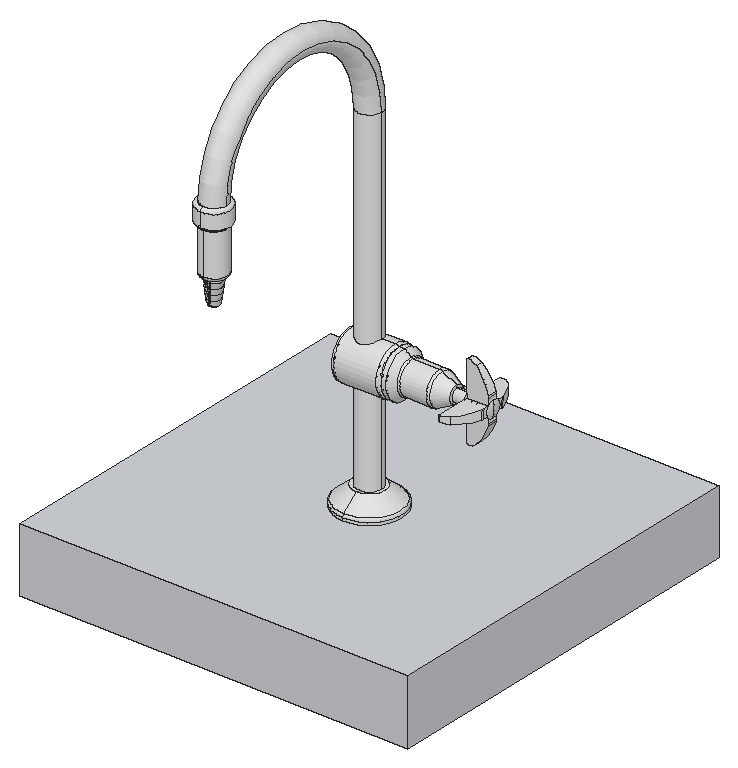
Revit family
Parameters (values of type "TL16FJ16C")
  WELSRating_ANZRS = "5 star"
  URL = "www.galvinengineering.com.au"
  Type Comments = "TL16"
  TubeNozzleVisibility = yes
  StyleOrType_ANZRS = "Plumbing Fixture"
  Seating = "Jumper Valve"
  PlumbingMaterial_ANZRS = Metal_Taps_DR-Brass-with-Chrome-Finish_10800
  Outlet = "XT Tube Nozzle with Integral Mini Dual Check Valve"
  ModifiedIssue_ANZRS = 20120305.01  # constant formula
  Model = "TL16FJ16C"
  Manufacturer = "Galvin Engineering"
  Keynote = "15400"
  Instructions = "http://www.galvinengineering.com.au/Installation_Guides_1.aspx"
  Inlet = "15mm Male"
  FlowRate = 0.10 L/s
  FilterObject_ANZRS = "TL16"
  Description = "Lab Set 1-Way Type 16 Fixed Jumper Valve"
  Default Elevation = 900 mm
  CreatedBy_ANZRS = "Galvin Engineering"
  CreatedByURL_ANZRS = "www.galvinengineering.com.au"
  CreatedByPhoneNo_ANZRS = "61-8-92495900"
  Circulation_ANZRS = yes
  Assembly Code = "D2010"
  AeratorVisibility = not(TubeNozzleVisibility)  # no
Types (6, lengths in mm): name | TubeNozzleVisibility | Outlet | Model | Description | AeratorVisibility
  (no name) | yes | "XT Tube Nozzle with Integral Mini Dual Check Valve" | "TL16FJ16C" | "Lab Set 1-Way Type 16 Fixed Jumper Valve" | no
  TL16FJ1C | no | "#1 Aerator" | "TL16FJ1C" | "Lab Set 1-Way Type 16 Fixed, Jumper Valve" | yes
  TL16FJ16C | yes | "XT Tube Nozzle with Integral Mini Dual Check Valve" | "TL16FJ16C" | "Lab Set 1-Way Type 16 Fixed Jumper Valve" | no
  TL16SJ1C | no | "#1 Aerator" | "TL16SJ1C" | "Lab Set 1-Way Type 16 Swivel, Jumper Valve" | yes
  TL16SJ16C | yes | "XT Tube Nozzle with Integral Mini Dual Check Valve" | "TL16SJ16C" | "Lab Set Type 16 Swivel, Jumper Valve" | no
  TL16SC16C | yes | "XT Tube Nozzle with Integral Mini Dual Check Valve" | "TL16SC16C" | "Lab Set 1-Way Type 16 Swivel, Ceramic Disc" | no
Reference planes
  plane 1 "Center (Front/Back)": y = 0
  plane 2 "Face": z = 0
  plane 3 "Center (Left/Right)": x = 0
Forms (mm)
  Extrusion 1, solid
    sketch origin (0, -719.2, 0) x (1, 0, 0) y (0, 1, 0)
      loop
        line (-150, 869.2) -> (-150, 569.2) -> (150, 569.2) -> (150, 869.2) -> (-150, 869.2)
    from 0 to -50
  Revolve 2, solid, material "Metal_Taps_DR-Brass-with-Chrome-Finish_10800" <- "PlumbingMaterial_ANZRS"
    sketch origin (0, 0, 0) x (0, 1, 0) y (0, 0, 1)
      loop
        arc (-24.197, 4.315) -> (-24.988, 3.281) -> (-25.27, 2.01) r 3.014
        line (-25.27, 2.01) -> (-25.27, 0) -> (0, 0) -> (0, 14.368) -> (-12.258, 14.368) -> (-24.197, 4.315)
      axis (0, 0) -> (0, 14.368)
    angle from 0 to 360
  Sweep 3, solid, material "Metal_Taps_DR-Brass-with-Chrome-Finish_10800" <- "PlumbingMaterial_ANZRS"
    path origin (0, 0, 0) x (0, 1, 0) y (0, 0, 1)
      loop
        arc (-150.004, 275.477) -> (-75.002, 350.478) -> (0, 275.477) r 75.002
        line (0, 275.477) -> (0, 14.368)
    profile origin (0, 0, 144.922) x (1, 0, 0) y (0, 1, 0)
      loop
        circle (0, 0) r 9.55
  Revolve 4, solid, material "Metal_Taps_DR-Brass-with-Chrome-Finish_10800" <- "PlumbingMaterial_ANZRS"
    sketch origin (0, 0, 0) x (1, 0, 0) y (0, 0, 1)
      loop
        line (96.489, 100) -> (-15.511, 100) -> (-15.511, 84)
        arc (-15.511, 84) -> (-14.737, 82.191) -> (-12.894, 81.503) r 2.5
        line (-12.894, 81.503) -> (20.095, 81.503) -> (22.489, 82.6) -> (23.739, 82.141) -> (27.239, 82.141) -> (31.793, 86.603)
        arc (31.793, 86.603) -> (32.591, 87.119) -> (33.524, 87.3) r 2.5
        line (33.524, 87.3) -> (54.268, 87.3)
        arc (54.268, 87.3) -> (55.454, 87.442) -> (56.574, 87.861) r 5.024
        line (56.574, 87.861) -> (67.489, 93.5) -> (67.489, 95.27) -> (76.925, 95.27) -> (76.925, 99.096) -> (95.325, 99.096) -> (95.325, 93.4)
        arc (95.325, 93.4) -> (96.196, 96.649) -> (96.489, 100) r 19.294
      axis (-15.511, 100) -> (96.489, 100)
    angle from 0 to 360
  Revolve 5, solid, material "Metal_Taps_DR-Brass-with-Chrome-Finish_10800" <- "PlumbingMaterial_ANZRS"
    sketch origin (0, 0, 0) x (1, 0, 0) y (0, 0, 1)
      loop
        arc (78.595, 70.361) -> (82.153, 71.003) -> (85.175, 72.987) r 9.043
        arc (85.175, 72.987) -> (91.254, 80.725) -> (95.27, 89.708) r 40.19
        arc (95.27, 89.708) -> (95.435, 90.437) -> (95.491, 91.182) r 5.024
        line (95.491, 91.182) -> (95.491, 108.681)
        arc (95.491, 108.681) -> (95.435, 109.427) -> (95.269, 110.157) r 5.024
        arc (95.269, 110.157) -> (91.179, 119.25) -> (84.976, 127.057) r 40.19
        arc (84.976, 127.057) -> (82.02, 128.987) -> (78.551, 129.639) r 9.043
        arc (78.551, 129.639) -> (77.459, 129.212) -> (77.003, 128.132) r 1.507
        line (77.003, 128.132) -> (77.003, 71.866)
        arc (77.003, 71.866) -> (77.475, 70.771) -> (78.595, 70.361) r 1.507
      axis (53.241, 129.639) -> (53.241, 70.361)
    angle from -4.66 to 4.66
  Revolve 6, solid, material "Metal_Taps_DR-Brass-with-Chrome-Finish_10800" <- "PlumbingMaterial_ANZRS"
    sketch origin (-253.34, -110.242, 100) x (0, -1, 0) y (1, 0, 0)
      loop
        arc (-139.881, 331.934) -> (-139.471, 330.815) -> (-138.376, 330.343) r 1.507
        line (-138.376, 330.343) -> (-82.11, 330.343)
        arc (-82.11, 330.343) -> (-81.03, 330.799) -> (-80.603, 331.89) r 1.507
        arc (-80.603, 331.89) -> (-81.255, 335.36) -> (-83.186, 338.316) r 9.043
        arc (-83.186, 338.316) -> (-90.992, 344.519) -> (-100.085, 348.609) r 40.19
        arc (-100.085, 348.609) -> (-100.815, 348.775) -> (-101.562, 348.831) r 5.024
        line (-101.562, 348.831) -> (-119.061, 348.831)
        arc (-119.061, 348.831) -> (-119.806, 348.775) -> (-120.534, 348.61) r 5.024
        arc (-120.534, 348.61) -> (-129.517, 344.593) -> (-137.255, 338.514) r 40.19
        arc (-137.255, 338.514) -> (-139.239, 335.492) -> (-139.881, 331.934) r 9.043
      axis (-80.603, 306.581) -> (-139.881, 306.581)
    angle from -4.66 to 4.66
  Revolve 7, solid, material "Metal_Taps_DR-Brass-with-Chrome-Finish_10800" <- "PlumbingMaterial_ANZRS", visible <- "TubeNozzleVisibility"
    sketch origin (0, 0, 0) x (0, 1, 0) y (0, 0, 1)
      loop
        line (-162.699, 263.002) -> (-161.81, 263.002) -> (-160.299, 261.264)
        arc (-160.299, 261.264) -> (-160.075, 260.889) -> (-159.998, 260.459) r 1.227
        line (-159.998, 260.459) -> (-159.998, 227.7)
        arc (-159.998, 227.7) -> (-159.412, 226.286) -> (-157.998, 225.7) r 2
        line (-157.998, 225.7) -> (-155.704, 225.7) -> (-155.704, 222.2) -> (-156.504, 222.2) -> (-155.208, 217.9) -> (-156.004, 217.9) -> (-154.754, 213.6) -> (-155.554, 213.6) -> (-154.223, 209.3) -> (-155.004, 209.3) -> (-153.884, 205.446)
        arc (-153.884, 205.446) -> (-153.661, 205.124) -> (-153.29, 205) r 0.618
        line (-153.29, 205) -> (-152.499, 205) -> (-152.499, 276.502) -> (-160.187, 276.502)
        arc (-160.187, 276.502) -> (-161.963, 275.766) -> (-162.699, 273.99) r 2.512
        line (-162.699, 273.99) -> (-162.699, 263.002)
      axis (-149.999, 205) -> (-149.999, 276.502)
    angle from 0 to 360
  Revolve 8, solid, material "Metal_Taps_DR-Brass-with-Chrome-Finish_10800" <- "PlumbingMaterial_ANZRS", visible <- "AeratorVisibility"
    sketch origin (0, 0, 0) x (0, 1, 0) y (0, 0, 1)
      loop
        line (-159.685, 255.402) -> (-159.685, 272.402) -> (-150.31, 272.402) -> (-150.31, 277.002) -> (-160.51, 277.002)
        arc (-160.51, 277.002) -> (-162.278, 276.269) -> (-163.01, 274.502) r 2.5
        line (-163.01, 274.502) -> (-163.01, 272.402) -> (-161.91, 272.402) -> (-161.91, 258.902)
        arc (-161.91, 258.902) -> (-161.792, 257.12) -> (-161.31, 255.402) r 8.634
        line (-161.31, 255.402) -> (-159.685, 255.402)
      axis (-150.31, 255.402) -> (-150.31, 277.002)
    angle from 0 to 360
Cuts and joins
  joined: Sweep 3, Revolve 4
Lines and regions (mm)
  symbolic lines, style "Taps/Mixers"
    curve 1: line (-9.5, 0.038, 0) -> (-9.5, -150.001, 0)
    curve 2: line (9.5, -150.001, 0) -> (9.5, 0.038, 0)
    curve 3: arc (-9.5, -150.001, 0) -> (0, -159.501, 0) -> (9.5, -150.001, 0) r 9.5
    curve 4: arc (9.5, -23.419, 0) -> (13.575, -21.317, 0) -> (17.204, -18.513, 0) r 25.272
    curve 5: arc (-9.5, 0.038, 0) -> (0, 9.538, 0) -> (9.5, 0.038, 0) r 9.5
    curve 6: arc (17.007, 18.693, 0) -> (-21.388, 13.463, 0) -> (-9.5, -23.419, 0) r 25.272
    curve 7: arc (9.5, -141.577, 0) -> (0, -162.699, 0) -> (-9.5, -141.577, 0) r 12.698
    curve 8: arc (27.261, 0.073, 0) -> (28.547, 6.358, 0) -> (27.307, 12.652, 0) r 16.296
    curve 9: arc (23.699, 12.652, 0) -> (22.459, 6.358, 0) -> (23.745, 0.073, 0) r 16.296
    curve 10: arc (31.801, 13.423, 0) -> (32.615, 12.878, 0) -> (33.577, 12.687, 0) r 2.512
    curve 11: arc (23.745, 17.871, 0) -> (22.472, 15.273, 0) -> (23.699, 12.652, 0) r 3.35
    curve 12: arc (27.261, 12.615, 0) -> (28.534, 15.243, 0) -> (27.261, 17.871, 0) r 3.35
    curve 13: arc (56.612, 12.127, 0) -> (55.493, 12.545, 0) -> (54.306, 12.687, 0) r 5.024
    curve 14: arc (33.577, -12.687, 0) -> (32.615, -12.878, 0) -> (31.801, -13.423, 0) r 2.512
    curve 15: arc (23.745, 0.073, 0) -> (22.459, -6.271, 0) -> (23.745, -12.615, 0) r 16.296
    curve 16: arc (27.261, -12.615, 0) -> (28.547, -6.271, 0) -> (27.261, 0.073, 0) r 16.296
    curve 17: arc (27.261, -17.871, 0) -> (28.534, -15.243, 0) -> (27.261, -12.615, 0) r 3.35
    curve 18: arc (23.745, -12.615, 0) -> (22.472, -15.243, 0) -> (23.745, -17.871, 0) r 3.35
    curve 19: arc (54.306, -12.687, 0) -> (55.493, -12.545, 0) -> (56.612, -12.127, 0) r 5.024
    curve 20: arc (95.325, -6.612, 0) -> (96.489, -0.012, 0) -> (95.325, 6.588, 0) r 19.294
    curve 21: arc (95.104, 10.298, 0) -> (91.106, 19.239, 0) -> (85.056, 26.94, 0) r 40
    curve 22: arc (85.056, 26.94, 0) -> (82.049, 28.915, 0) -> (78.508, 29.554, 0) r 9
    curve 23: arc (78.508, 29.554, 0) -> (77.394, 29.146, 0) -> (76.925, 28.056, 0) r 1.5
    curve 24: arc (95.325, 8.825, 0) -> (95.269, 9.57, 0) -> (95.104, 10.298, 0) r 5.024
    curve 25: arc (93.12, 3.403, 0) -> (94.257, 3.923, 0) -> (95.003, 4.926, 0) r 2.512
    curve 26: arc (95.003, 4.926, 0) -> (95.192, 5.47, 0) -> (95.325, 6.031, 0) r 5.554
    curve 27: arc (84.81, -27.052, 0) -> (91.013, -19.246, 0) -> (95.103, -10.153, 0) r 40.19
    curve 28: arc (78.447, -29.635, 0) -> (81.883, -28.971, 0) -> (84.81, -27.052, 0) r 9.043
    curve 29: arc (76.925, -28.128, 0) -> (77.371, -29.199, 0) -> (78.447, -29.635, 0) r 1.507
    curve 30: arc (95.103, -10.153, 0) -> (95.269, -9.423, 0) -> (95.325, -8.676, 0) r 5.024
    curve 31: arc (95.072, -4.958, 0) -> (94.337, -3.909, 0) -> (93.181, -3.358, 0) r 2.512
    curve 32: arc (95.325, -7.872, 0) -> (95.394, -6.398, 0) -> (95.072, -4.958, 0) r 5.554
    curve 33: line (56.612, -12.127, 0) -> (67.489, -6.507, 0)
    curve 34: line (67.489, -6.507, 0) -> (67.489, 6.507, 0)
    curve 35: line (67.489, 6.507, 0) -> (56.612, 12.127, 0)
    curve 36: line (33.577, 12.687, 0) -> (54.273, 12.687, 0)
    curve 37: line (54.273, 12.687, 0) -> (54.273, -12.687, 0)
    curve 38: line (54.273, -12.687, 0) -> (33.577, -12.687, 0)
    curve 39: line (28.517, 14.91, 0) -> (28.517, -15.576, 0)
    curve 40: line (23.745, 12.615, 0) -> (27.261, 12.615, 0)
    curve 41: line (23.745, 17.871, 0) -> (27.261, 17.871, 0)
    curve 42: line (27.261, 17.871, 0) -> (31.801, 13.423, 0)
    curve 43: line (22.489, 17.387, 0) -> (22.489, -17.413, 0)
    curve 44: line (23.745, 0.073, 0) -> (27.261, 0.073, 0)
    curve 45: line (23.745, -17.871, 0) -> (27.261, -17.871, 0)
    curve 46: line (27.261, -17.871, 0) -> (31.801, -13.423, 0)
    curve 47: line (23.745, -12.615, 0) -> (27.261, -12.615, 0)
    curve 48: line (95.325, 8.825, 0) -> (95.325, -8.676, 0)
    curve 49: line (76.925, 28.056, 0) -> (76.925, -28.128, 0)
    curve 50: line (76.925, 2.083, 0) -> (93.12, 3.403, 0)
    curve 51: line (67.489, 4.718, 0) -> (76.925, 4.718, 0)
    curve 52: line (76.925, -1.936, 0) -> (93.181, -3.358, 0)
    curve 53: line (67.489, -4.742, 0) -> (76.925, -4.742, 0)
    curve 54: line (-13.011, 18.487, 0) -> (-13.011, -18.513, 0)
    curve 55: arc (-13.011, 18.487, 0) -> (-14.779, 17.755, 0) -> (-15.511, 15.987, 0) r 2.5
    curve 56: line (-15.511, -16.013, 0) -> (-15.511, 15.987, 0)
    curve 57: arc (-15.511, -16.013, 0) -> (-14.779, -17.781, 0) -> (-13.011, -18.513, 0) r 2.5
    curve 58: line (-13.011, -18.513, 0) -> (-9.5, -18.513, 0)
    curve 59: line (9.5, -18.513, 0) -> (20.089, -18.513, 0)
    curve 60: line (20.089, -18.513, 0) -> (22.489, -17.413, 0)
    curve 61: line (20.089, 18.487, 0) -> (20.089, -18.513, 0)
    curve 62: line (-13.011, 18.487, 0) -> (20.089, 18.487, 0)
    curve 63: line (20.089, 18.487, 0) -> (22.489, 17.387, 0)
    curve 64: arc (0, -24.082, 4.295) -> (0, -24.87, 3.266) -> (0, -25.15, 2) r 3
    curve 65: arc (0, 25.15, 2) -> (0, 24.87, 3.266) -> (0, 24.082, 4.295) r 3
    curve 66: line (0, 10.802, 14.3) -> (0, 10.802, 85.209)
    curve 67: line (0, 12.2, 14.3) -> (0, -12.2, 14.3)
    curve 68: line (0, 25.15, 2.01) -> (0, -25.15, 2.01)
    curve 69: line (0, -25.15, 0) -> (0, -25.15, 2.01)
    curve 70: line (0, -12.2, 14.3) -> (0, -24.082, 4.295)
    curve 71: line (0, 12.2, 14.3) -> (0, 24.082, 4.295)
    curve 72: line (0, 25.15, 2.01) -> (0, 25.15, 0)
    curve 73: line (0, 25.15, 0) -> (0, -25.15, 0)
    curve 74: line (0, -9.835, 275.631) -> (0, -9.835, 115.86)
    curve 75: line (0, 9.215, 115.86) -> (0, 9.215, 275.631)
    curve 76: line (0, -11.423, 85.209) -> (0, -11.423, 14.3)
    curve 77: arc (0, -14.947, 103.934) -> (0, -7.694, 107.385) -> (0, -4.242, 114.639) r 12
    curve 78: line (0, -4.242, 114.639) -> (0, -2.847, 128.154)
    curve 79: arc (0, -2.847, 128.154) -> (0, -2.36, 129.114) -> (0, -1.355, 129.5) r 1.5
    curve 80: line (0, -1.355, 129.5) -> (0, 0.734, 129.5)
    curve 81: arc (0, 0.734, 129.5) -> (0, 1.741, 129.112) -> (0, 2.227, 128.149) r 1.5
    curve 82: line (0, 2.227, 128.149) -> (0, 3.574, 114.682)
    curve 83: arc (0, 3.574, 114.682) -> (0, 7.015, 107.404) -> (0, 14.282, 103.939) r 12
    curve 84: line (0, 14.282, 103.939) -> (0, 27.846, 102.539)
    curve 85: arc (0, 27.846, 102.539) -> (0, 28.805, 102.052) -> (0, 29.192, 101.047) r 1.5
    curve 86: line (0, 29.192, 101.047) -> (0, 29.192, 98.953)
    curve 87: arc (0, 29.192, 98.953) -> (0, 28.805, 97.948) -> (0, 27.846, 97.461) r 1.5
    curve 88: line (0, 27.846, 97.461) -> (0, 14.282, 96.061)
    curve 89: arc (0, 14.282, 96.061) -> (0, 7.015, 92.596) -> (0, 3.574, 85.318) r 12
    curve 90: line (0, 3.574, 85.318) -> (0, 2.227, 71.851)
    curve 91: arc (0, 2.227, 71.851) -> (0, 1.741, 70.888) -> (0, 0.734, 70.5) r 1.5
    curve 92: line (0, 0.734, 70.5) -> (0, -1.355, 70.5)
    curve 93: arc (0, -1.355, 70.5) -> (0, -2.36, 70.886) -> (0, -2.847, 71.846) r 1.5
    curve 94: line (0, -2.847, 71.846) -> (0, -4.242, 85.361)
    curve 95: arc (0, -4.242, 85.361) -> (0, -7.694, 92.615) -> (0, -14.947, 96.066) r 12
    curve 96: line (0, -14.947, 96.066) -> (0, -28.462, 97.461)
    curve 97: arc (0, -28.462, 97.461) -> (0, -29.422, 97.948) -> (0, -29.808, 98.953) r 1.5
    curve 98: line (0, -29.808, 98.953) -> (0, -29.808, 101.047)
    curve 99: arc (0, -29.808, 101.047) -> (0, -29.422, 102.052) -> (0, -28.462, 102.539) r 1.5
    curve 100: line (0, -28.462, 102.539) -> (0, -14.947, 103.934)
    curve 101: circle (0, -0.31, 100) r 6.5 normal (1, 0, 0)
    curve 122: arc (0, -9.835, 275.631) -> (0, -74.721, 340.95) -> (0, -140.471, 276.502) r 65.321
    curve 123: arc (0, 9.215, 275.631) -> (0, -74.721, 360) -> (0, -159.523, 276.502) r 84.371
    curve 127: arc (0, -3.88, 118.152) -> (0, -13.391, 113.082) -> (0, -18.463, 103.571) r 18.5
    curve 128: arc (0, 17.841, 103.572) -> (0, 12.758, 113.094) -> (0, 3.226, 118.159) r 18.5
    curve 129: arc (0, 3.226, 81.841) -> (0, 12.758, 86.906) -> (0, 17.841, 96.428) r 18.5
    curve 130: arc (0, -18.463, 96.429) -> (0, -13.391, 86.918) -> (0, -3.88, 81.848) r 18.5
    curve 143: arc (0, -160.21, 276.502) -> (0, -161.986, 275.766) -> (0, -162.722, 273.99) r 2.512
    curve 144: arc (0, -137.322, 273.99) -> (0, -138.058, 275.766) -> (0, -139.834, 276.502) r 2.512
    curve 145: line (0, -137.322, 271.88) -> (0, -162.722, 271.88)
    curve 146: line (0, -139.834, 276.502) -> (0, -160.21, 276.502)
    curve 147: line (0, -162.722, 273.99) -> (0, -162.722, 271.88)
    curve 148: line (0, -137.322, 271.88) -> (0, -137.322, 273.99)
    curve 184: arc (-24.082, 0, 4.295) -> (-24.868, 0, 3.27) -> (-25.15, 0, 2.01) r 3
    curve 185: arc (25.15, 0, 2) -> (24.87, 0, 3.266) -> (24.082, 0, 4.295) r 3
    curve 186: line (12.2, 0, 14.3) -> (24.082, 0, 4.295)
    curve 187: line (25.15, 0, 2.01) -> (-25.15, 0, 2.01)
    curve 188: line (-25.15, 0, 0) -> (-25.15, 0, 2)
    curve 189: line (-12.2, 0, 14.3) -> (12.2, 0, 14.3)
    curve 190: line (-12.2, 0, 14.3) -> (-24.082, 0, 4.295)
    curve 191: line (25.15, 0, 2.01) -> (25.15, 0, 0)
    curve 192: line (25.15, 0, 0) -> (-25.15, 0, 0)
    curve 193: arc (27.261, 0, 100.086) -> (28.547, 0, 106.371) -> (27.307, 0, 112.665) r 16.296
    curve 194: arc (23.699, 0, 112.665) -> (22.459, 0, 106.371) -> (23.745, 0, 100.086) r 16.296
    curve 195: arc (31.801, 0, 113.436) -> (32.615, 0, 112.891) -> (33.577, 0, 112.7) r 2.512
    curve 196: arc (23.745, 0, 117.884) -> (22.472, 0, 115.286) -> (23.699, 0, 112.665) r 3.35
    curve 197: arc (27.261, 0, 112.628) -> (28.534, 0, 115.256) -> (27.261, 0, 117.884) r 3.35
    curve 198: arc (56.612, 0, 112.139) -> (55.493, 0, 112.558) -> (54.306, 0, 112.7) r 5.024
    curve 199: arc (33.577, 0, 87.326) -> (32.615, 0, 87.135) -> (31.801, 0, 86.59) r 2.512
    curve 200: arc (23.745, 0, 100.086) -> (22.459, 0, 93.742) -> (23.745, 0, 87.398) r 16.296
    curve 201: arc (27.261, 0, 87.398) -> (28.547, 0, 93.742) -> (27.261, 0, 100.086) r 16.296
    curve 202: arc (27.261, 0, 82.142) -> (28.534, 0, 84.77) -> (27.261, 0, 87.398) r 3.35
    curve 203: arc (23.745, 0, 87.398) -> (22.472, 0, 84.77) -> (23.745, 0, 82.142) r 3.35
    curve 204: arc (54.306, 0, 87.326) -> (55.493, 0, 87.468) -> (56.612, 0, 87.886) r 5.024
    curve 205: arc (95.325, 0, 93.401) -> (96.489, 0, 100.001) -> (95.325, 0, 106.601) r 19.294
    curve 206: arc (95.104, 0, 110.311) -> (91.106, 0, 119.252) -> (85.056, 0, 126.953) r 40
    curve 207: arc (85.056, 0, 126.953) -> (82.049, 0, 128.928) -> (78.508, 0, 129.566) r 9
    curve 208: arc (78.508, 0, 129.566) -> (77.394, 0, 129.159) -> (76.925, 0, 128.069) r 1.5
    curve 209: arc (95.325, 0, 108.838) -> (95.269, 0, 109.583) -> (95.104, 0, 110.311) r 5.024
    curve 210: arc (93.12, 0, 103.416) -> (94.257, 0, 103.935) -> (95.003, 0, 104.939) r 2.512
    curve 211: arc (95.003, 0, 104.939) -> (95.192, 0, 105.483) -> (95.325, 0, 106.044) r 5.554
    curve 212: arc (84.81, 0, 72.961) -> (91.013, 0, 80.767) -> (95.103, 0, 89.86) r 40.19
    curve 213: arc (78.447, 0, 70.378) -> (81.883, 0, 71.042) -> (84.81, 0, 72.961) r 9.043
    curve 214: arc (76.925, 0, 71.885) -> (77.371, 0, 70.814) -> (78.447, 0, 70.378) r 1.507
    curve 215: arc (95.103, 0, 89.86) -> (95.269, 0, 90.59) -> (95.325, 0, 91.337) r 5.024
    curve 216: arc (95.072, 0, 95.055) -> (94.337, 0, 96.104) -> (93.181, 0, 96.655) r 2.512
    curve 217: arc (95.325, 0, 92.141) -> (95.394, 0, 93.615) -> (95.072, 0, 95.055) r 5.554
    curve 218: line (56.612, 0, 87.886) -> (67.489, 0, 93.506)
    curve 219: line (67.489, 0, 93.506) -> (67.489, 0, 106.52)
    curve 220: line (67.489, 0, 106.52) -> (56.612, 0, 112.139)
    curve 221: line (33.577, 0, 112.7) -> (54.273, 0, 112.7)
    curve 222: line (54.273, 0, 112.7) -> (54.273, 0, 87.326)
    curve 223: line (54.273, 0, 87.326) -> (33.577, 0, 87.326)
    curve 224: line (28.517, 0, 114.923) -> (28.517, 0, 84.437)
    curve 225: line (23.745, 0, 112.628) -> (27.261, 0, 112.628)
    curve 226: line (23.745, 0, 117.884) -> (27.261, 0, 117.884)
    curve 227: line (27.261, 0, 117.884) -> (31.801, 0, 113.436)
    curve 228: line (22.489, 0, 117.4) -> (22.489, 0, 82.6)
    curve 229: line (23.745, 0, 100.086) -> (27.261, 0, 100.086)
    curve 230: line (23.745, 0, 82.142) -> (27.261, 0, 82.142)
    curve 231: line (27.261, 0, 82.142) -> (31.801, 0, 86.59)
    curve 232: line (23.745, 0, 87.398) -> (27.261, 0, 87.398)
    curve 233: line (95.325, 0, 108.838) -> (95.325, 0, 91.337)
    curve 234: line (76.925, 0, 128.069) -> (76.925, 0, 71.885)
    curve 235: line (76.925, 0, 102.095) -> (93.12, 0, 103.416)
    curve 236: line (67.489, 0, 104.731) -> (76.925, 0, 104.731)
    curve 237: line (76.925, 0, 98.077) -> (93.181, 0, 96.655)
    curve 238: line (67.489, 0, 95.271) -> (76.925, 0, 95.271)
    curve 239: line (11.113, 0, 14.3) -> (11.113, 0, 81.52)
    curve 240: line (-11.113, 0, 14.3) -> (-11.112, 0, 81.537)
    curve 241: line (9.514, 0, 226.373) -> (9.514, 0, 118.5)
    curve 242: line (-9.536, 0, 226.444) -> (-9.536, 0, 118.5)
    curve 243: line (9.538, 0, 276.502) -> (9.538, 0, 350.475)
    curve 244: arc (9.538, 0, 350.475) -> (0.013, 0, 360) -> (-9.512, 0, 350.475) r 9.525
    curve 245: line (-9.512, 0, 350.475) -> (-9.512, 0, 276.502)
    curve 246: arc (-9.536, 0, 118.5) -> (-0.011, 0, 115.86) -> (9.514, 0, 118.5) r 18.5
    curve 247: arc (11.113, 0, 81.52) -> (0.003, 0, 85.238) -> (-11.112, 0, 81.537) r 18.5
    curve 248: line (-13.011, 0, 118.5) -> (-13.011, 0, 81.5)
    curve 249: line (-9.536, 0, 118.5) -> (-13.011, 0, 118.5)
    curve 250: arc (-13.011, 0, 118.5) -> (-14.779, 0, 117.768) -> (-15.511, 0, 116) r 2.5
    curve 251: line (-15.511, 0, 84) -> (-15.511, 0, 116)
    curve 252: arc (-15.511, 0, 84) -> (-14.779, 0, 82.232) -> (-13.011, 0, 81.5) r 2.5
    curve 253: line (-13.011, 0, 81.5) -> (-11.113, 0, 81.537)
    curve 254: line (11.113, 0, 81.52) -> (20.089, 0, 81.5)
    curve 255: line (20.089, 0, 81.5) -> (22.489, 0, 82.6)
    curve 256: line (20.089, 0, 118.5) -> (20.089, 0, 81.5)
    curve 257: line (9.514, 0, 118.5) -> (20.089, 0, 118.5)
    curve 258: line (20.089, 0, 118.5) -> (22.489, 0, 117.4)
    curve 259: arc (-10.188, 0, 276.502) -> (-11.964, 0, 275.766) -> (-12.7, 0, 273.99) r 2.512
    curve 260: arc (12.7, 0, 273.99) -> (11.964, 0, 275.766) -> (10.188, 0, 276.502) r 2.512
    curve 261: line (12.7, 0, 271.88) -> (-12.7, 0, 271.88)
    curve 262: line (10.188, 0, 276.502) -> (-10.188, 0, 276.502)
    curve 263: line (-12.7, 0, 273.99) -> (-12.7, 0, 271.88)
    curve 264: line (12.7, 0, 271.88) -> (12.7, 0, 273.99)
  symbolic lines, style "Taps/Mixers", detail levels medium+fine
    curve 102: arc (0, -4.871, 111.854) -> (0, -9.292, 108.981) -> (0, -12.165, 104.562) r 12.7
    curve 103: arc (0, 11.544, 104.551) -> (0, 8.654, 108.994) -> (0, 4.202, 111.87) r 12.7
    curve 104: arc (0, 4.202, 88.13) -> (0, 8.654, 91.006) -> (0, 11.544, 95.449) r 12.7
    curve 105: arc (0, -12.165, 95.438) -> (0, -9.292, 91.019) -> (0, -4.871, 88.146) r 12.7
    curve 106: arc (0, -4.096, 116.06) -> (0, -11.978, 111.669) -> (0, -16.372, 103.787) r 16.5
    curve 107: arc (0, 15.747, 103.788) -> (0, 11.34, 111.682) -> (0, 3.435, 116.069) r 16.5
    curve 108: arc (0, 3.435, 83.931) -> (0, 11.34, 88.318) -> (0, 15.747, 96.212) r 16.5
    curve 109: arc (0, -16.372, 96.213) -> (0, -11.978, 88.331) -> (0, -4.096, 83.94) r 16.5
    curve 110: line (0, -16.813, 96.259) -> (0, -16.813, 93.165)
    curve 111: line (0, -16.813, 93.165) -> (0, -7.147, 83.5)
    curve 112: line (0, -7.147, 83.5) -> (0, -4.05, 83.5)
    curve 113: line (0, 3.392, 83.5) -> (0, 6.522, 83.5)
    curve 114: line (0, 6.522, 83.5) -> (0, 16.187, 93.165)
    curve 115: line (0, 16.187, 93.165) -> (0, 16.187, 96.258)
    curve 116: line (0, 16.187, 103.742) -> (0, 16.187, 106.835)
    curve 117: line (0, 16.187, 106.835) -> (0, 6.522, 116.5)
    curve 118: line (0, 6.522, 116.5) -> (0, 3.392, 116.5)
    curve 119: line (0, -4.05, 116.5) -> (0, -7.147, 116.5)
    curve 120: line (0, -7.147, 116.5) -> (0, -16.813, 106.835)
    curve 121: line (0, -16.813, 106.835) -> (0, -16.813, 103.741)
    curve 124: line (0, 10.802, 40.855) -> (0, -1.698, 40.855)
    curve 125: line (0, -1.698, 40.855) -> (0, -1.698, 25.855)
    curve 126: line (0, -1.698, 25.855) -> (0, 10.802, 25.855)
  symbolic lines, style "Taps/Mixers", detail levels fine
    curve 131: arc (0, -17.315, 96.31) -> (0, -17.089, 95.39) -> (0, -16.813, 94.483) r 17.4
    curve 132: arc (0, -15.881, 92.234) -> (0, -12.614, 87.696) -> (0, -8.076, 84.429) r 17.4
    curve 133: arc (0, -5.834, 83.5) -> (0, -4.923, 83.222) -> (0, -3.998, 82.995) r 17.4
    curve 134: arc (0, 3.341, 82.987) -> (0, 4.284, 83.218) -> (0, 5.213, 83.5) r 17.4
    curve 135: arc (0, 7.447, 84.425) -> (0, 11.993, 87.696) -> (0, 15.265, 92.243) r 17.4
    curve 136: arc (0, 16.187, 94.47) -> (0, 16.466, 95.383) -> (0, 16.694, 96.31) r 17.4
    curve 137: arc (0, 16.694, 103.69) -> (0, 16.466, 104.617) -> (0, 16.187, 105.53) r 17.4
    curve 138: arc (0, 15.265, 107.757) -> (0, 11.993, 112.304) -> (0, 7.447, 115.575) r 17.4
    curve 139: arc (0, 5.213, 116.5) -> (0, 4.284, 116.782) -> (0, 3.341, 117.013) r 17.4
    curve 140: arc (0, -3.998, 117.005) -> (0, -4.923, 116.778) -> (0, -5.834, 116.5) r 17.4
    curve 141: arc (0, -8.076, 115.571) -> (0, -12.614, 112.304) -> (0, -15.881, 107.766) r 17.4
    curve 142: arc (0, -16.813, 105.517) -> (0, -17.089, 104.61) -> (0, -17.315, 103.69) r 17.4
  symbolic lines, style "Taps/Mixers", visible <- "TubeNozzleVisibility"
    curve 149: line (0, -162.722, 263.021) -> (0, -137.322, 263.021)
    curve 150: line (0, -162.722, 271.88) -> (0, -162.722, 263.021)
    curve 151: line (0, -160.002, 260.527) -> (0, -162.175, 263.021)
    curve 152: line (0, -160.002, 260.527) -> (0, -140.004, 260.527)
    curve 153: line (0, -160.002, 227.7) -> (0, -160.002, 260.527)
    curve 154: line (0, -140.004, 260.527) -> (0, -140.004, 227.7)
    curve 155: arc (0, -160.002, 227.7) -> (0, -159.416, 226.286) -> (0, -158.002, 225.7) r 2
    curve 156: line (0, -142.004, 225.7) -> (0, -158.002, 225.7)
    curve 157: arc (0, -142.004, 225.7) -> (0, -140.59, 226.286) -> (0, -140.004, 227.7) r 2
    curve 158: line (0, -155.802, 225.7) -> (0, -155.802, 222.2)
    curve 159: line (0, -143.502, 222.2) -> (0, -156.505, 222.2)
    curve 160: line (0, -156.505, 222.2) -> (0, -155.352, 217.9)
    curve 161: line (0, -144.002, 217.9) -> (0, -156.005, 217.9)
    curve 162: line (0, -156.005, 217.9) -> (0, -154.855, 213.6)
    curve 163: line (0, -144.452, 213.6) -> (0, -155.555, 213.6)
    curve 164: line (0, -155.555, 213.6) -> (0, -154.405, 209.3)
    curve 165: line (0, -145.002, 209.3) -> (0, -145.602, 209.3)
    curve 166: line (0, -155.005, 209.3) -> (0, -153.796, 205.144)
    curve 167: line (0, -146.442, 205) -> (0, -153.604, 205)
    curve 168: arc (0, -153.796, 205.144) -> (0, -153.724, 205.04) -> (0, -153.604, 205) r 0.2
    curve 169: line (0, -137.322, 271.88) -> (0, -137.322, 263.021)
    curve 170: line (0, -140.004, 260.527) -> (0, -137.831, 263.021)
    curve 171: line (0, -144.204, 225.7) -> (0, -144.204, 222.2)
    curve 172: line (0, -143.502, 222.2) -> (0, -144.654, 217.9)
    curve 173: line (0, -144.002, 217.9) -> (0, -145.152, 213.6)
    curve 174: line (0, -144.452, 213.6) -> (0, -145.602, 209.3)
    curve 175: line (0, -145.002, 209.3) -> (0, -146.21, 205.144)
    curve 176: arc (0, -146.21, 205.144) -> (0, -146.282, 205.04) -> (0, -146.402, 205) r 0.2
    curve 182: line (0, -154.199, 209.3) -> (0, -155.005, 209.3)
    curve 183: line (0, -145.602, 209.3) -> (0, -154.199, 209.3)
    curve 265: line (-12.7, 0, 263.021) -> (12.7, 0, 263.021)
    curve 266: line (-12.7, 0, 271.88) -> (-12.7, 0, 263.021)
    curve 267: line (-9.98, 0, 260.527) -> (-12.153, 0, 263.021)
    curve 268: line (-9.98, 0, 260.527) -> (10.018, 0, 260.527)
    curve 269: line (-9.98, 0, 227.7) -> (-9.98, 0, 260.527)
    curve 270: line (10.018, 0, 260.527) -> (10.018, 0, 227.7)
    curve 271: arc (-9.98, 0, 227.7) -> (-9.394, 0, 226.286) -> (-7.98, 0, 225.7) r 2
    curve 272: line (8.018, 0, 225.7) -> (-7.98, 0, 225.7)
    curve 273: arc (8.018, 0, 225.7) -> (9.432, 0, 226.286) -> (10.018, 0, 227.7) r 2
    curve 274: line (-5.78, 0, 225.7) -> (-5.78, 0, 222.2)
    curve 275: line (6.52, 0, 222.2) -> (-6.482, 0, 222.2)
    curve 276: line (-6.482, 0, 222.2) -> (-5.33, 0, 217.9)
    curve 277: line (6.02, 0, 217.9) -> (-5.982, 0, 217.9)
    curve 278: line (-5.982, 0, 217.9) -> (-4.832, 0, 213.6)
    curve 279: line (5.57, 0, 213.6) -> (-5.532, 0, 213.6)
    curve 280: line (-5.532, 0, 213.6) -> (-4.382, 0, 209.3)
    curve 281: line (5.02, 0, 209.3) -> (-4.982, 0, 209.3)
    curve 282: line (-4.982, 0, 209.3) -> (-3.774, 0, 205.144)
    curve 283: line (3.58, 0, 205) -> (-3.582, 0, 205)
    curve 284: arc (-3.774, 0, 205.144) -> (-3.702, 0, 205.04) -> (-3.582, 0, 205) r 0.2
    curve 285: line (12.7, 0, 271.88) -> (12.7, 0, 263.021)
    curve 286: line (10.018, 0, 260.527) -> (12.191, 0, 263.021)
    curve 287: line (5.818, 0, 225.7) -> (5.818, 0, 222.2)
    curve 288: line (6.52, 0, 222.2) -> (5.368, 0, 217.9)
    curve 289: line (6.02, 0, 217.9) -> (4.87, 0, 213.6)
    curve 290: line (5.57, 0, 213.6) -> (4.42, 0, 209.3)
    curve 291: line (5.02, 0, 209.3) -> (3.812, 0, 205.144)
    curve 292: arc (3.812, 0, 205.144) -> (3.74, 0, 205.04) -> (3.62, 0, 205) r 0.2
  symbolic lines, style "Taps/Mixers", visible <- "AeratorVisibility"
    curve 177: line (0, -161.91, 258.902) -> (0, -161.91, 271.88)
    curve 178: arc (0, -161.91, 258.902) -> (0, -161.792, 257.12) -> (0, -161.31, 255.402) r 8.634
    curve 179: line (0, -161.31, 255.402) -> (0, -139.31, 255.402)
    curve 180: arc (0, -139.31, 255.402) -> (0, -138.829, 257.12) -> (0, -138.71, 258.902) r 8.634
    curve 181: line (0, -138.71, 271.88) -> (0, -138.71, 258.902)
    curve 293: line (-11.6, 0, 258.902) -> (-11.6, 0, 271.88)
    curve 294: arc (-11.6, 0, 258.902) -> (-11.482, 0, 257.12) -> (-11, 0, 255.402) r 8.634
    curve 295: line (-11, 0, 255.402) -> (11, 0, 255.402)
    curve 296: arc (11, 0, 255.402) -> (11.482, 0, 257.12) -> (11.6, 0, 258.902) r 8.634
    curve 297: line (11.6, 0, 271.88) -> (11.6, 0, 258.902)
    curve 298: line (-9.536, 0, 226.444) -> (-9.536, 0, 255.402)
    curve 299: line (9.514, 0, 226.373) -> (9.514, 0, 255.402)
Dimensions and locks
  aligned and locked: plane 2 "Face" to Extrusion 1
  aligned and locked: level to Extrusion 1
Connectors
  piping at (0, 0, 0), driven by "FlowRate"
    settings: on Revolve 2, index 1, connector radius 0.29528", flow factor 0, pipe flow 0.10 L/s, pressure drop 0.00 psi, fitting loss kfactor 0, connector angle 0.00°, fixture units 0, flow configuration 1, flow direction 1, fitting loss method 0, system type 20, connector reference index -1, connector utility 0, adjustable connector no, is connector primary yes, fitting loss table "", connector description "CW"
